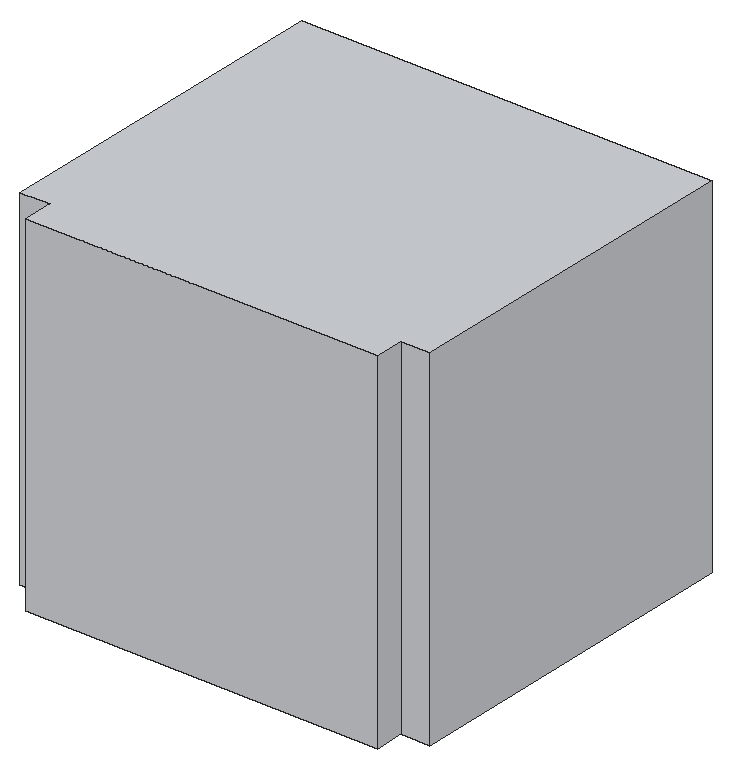
Revit family "M_Rectangular Tee", category Duct Fittings, Revit 2014
Parameters (values of type "Standard")
  Duct Width 3 [instance] = 300 mm
  Duct Width 1 [instance] = 300 mm
  Shoulder [instance] = 25 mm
  Length3a [instance] = Duct Width 1 / 2  # 150 mm
  Duct Length 3 [instance] = Length3a + Shoulder  # 175 mm
  Length1a [instance] = Duct Width 3 / 2  # 150 mm
  Duct Length 1 [instance] = Length1a + Shoulder  # 175 mm
  Duct Height [instance] = 300 mm
Reference planes
  plane 1 "Center (Front/Back)": y = 0
  plane 2: z = 0
  plane 3 "Center (Left/Right)": x = 0
  plane 4: x = -175
  plane 5: x = 175
  plane 6: y = -175
Forms (mm)
  Sweep 1, solid, detail levels medium+fine
    path in 3D
      loop
        line (-175, 0, 0) -> (0, 0, 0)
    profile "M_Duct - Rectangular : Duct - Rectangular" origin (-87.5, 0, 0) x (0, 1, 0) y (0, 0, 1)
      loop
        line (-150, 150) -> (-150, -150) -> (150, -150) -> (150, 150) -> (-150, 150)
  Sweep 2, solid, detail levels medium+fine
    path in 3D
      loop
        line (0, 0, 0) -> (175, 0, 0)
    profile "M_Duct - Rectangular : Duct - Rectangular" origin (87.5, 0, 0) x (0, 1, 0) y (0, 0, 1)
      loop
        line (-150, 150) -> (-150, -150) -> (150, -150) -> (150, 150) -> (-150, 150)
  Sweep 3, solid, detail levels medium+fine
    path in 3D
      loop
        line (0, 0, 0) -> (0, -175, 0)
    profile "M_Duct - Rectangular : Duct - Rectangular 3" origin (0, -87.5, 0) x (1, 0, 0) y (0, 0, 1)
      loop
        line (-150, 150) -> (-150, -150) -> (150, -150) -> (150, 150) -> (-150, 150)
Cuts and joins
  joined: Sweep 1, Sweep 2, Sweep 3
Lines and regions (mm)
  reference lines
    curve 1: line (-175, 0, 0) -> (0, 0, 0)
    curve 2: line (0, 0, 0) -> (175, 0, 0)
    curve 3: line (0, 0, 0) -> (0, -175, 0)
  sketch lines
    curve 4: line (-175, 0, 0) -> (0, 0, 0)
    curve 5: line (0, 0, 0) -> (175, 0, 0)
    curve 6: line (0, 0, 0) -> (0, -175, 0)
  model lines, style "DuctFitting", detail levels coarse
    curve 7: line (-175, 0, 0) -> (0, 0, 0)
    curve 8: line (0, 0, 0) -> (175, 0, 0)
    curve 9: line (0, 0, 0) -> (0, -175, 0)
Dimensions and locks
  equal spacing: plane 4, plane 3 "Center (Left/Right)", plane 5
  "Duct Length 1": plane 4 to plane 3 "Center (Left/Right)"
  "Duct Length 3": plane 6 to plane 1 "Center (Front/Back)"
  aligned and locked: plane 3 "Center (Left/Right)" to curve 1
  aligned and locked: plane 4 to curve 1
  aligned and locked: plane 1 "Center (Front/Back)" to curve 1
  aligned and locked: plane 5 to curve 2
  aligned and locked: plane 1 "Center (Front/Back)" to curve 2
  aligned and locked: plane 6 to curve 3
  aligned and locked: curve 7 to curve 1
  aligned and locked: curve 8 to curve 2
  aligned and locked: curve 9 to curve 3
Automatic sketch dimensions
  curve 7 to plane 4 = 0 mm
  curve 8 to plane 5 = 0 mm
  curve 9 to plane 6 = 0 mm
Connectors
  hvac at (-175, 0, 0), driven by "Duct Height", driven by "Duct Width 1"
    settings: on cut or joined group of Sweep 1, Sweep 2, Sweep 3, index 1, duct flow 0.0 L/s, flow factor 0, pres drop 0.0 Pa, loss coef 0, conn angle 0.00°, conn width 300 mm, conn height 300 mm, conn diameter 609.6 mm, duct sys type 28, conn prof type 1, flow config 0, flow direction 0, loss method 0, conn ref index 2, conn util no, is conn primary yes, conn desc ""
  hvac at (175, 0, 0), driven by "Duct Height", driven by "Duct Width 1"
    settings: on cut or joined group of Sweep 1, Sweep 2, Sweep 3, index 2, duct flow 0.0 L/s, flow factor 0, pres drop 0.0 Pa, loss coef 0, conn angle 0.00°, conn width 300 mm, conn height 300 mm, conn diameter 609.6 mm, duct sys type 28, conn prof type 1, flow config 0, flow direction 0, loss method 0, conn ref index 1, conn util no, is conn primary no, conn desc ""
  hvac at (0, -175, 0), driven by "Duct Height", driven by "Duct Width 3"
    settings: on cut or joined group of Sweep 1, Sweep 2, Sweep 3, index 3, duct flow 0.0 L/s, flow factor 0, pres drop 0.0 Pa, loss coef 0, conn angle 0.00°, conn width 300 mm, conn height 300 mm, conn diameter 609.6 mm, duct sys type 28, conn prof type 1, flow config 0, flow direction 0, loss method 0, conn ref index -1, conn util no, is conn primary no, conn desc ""
